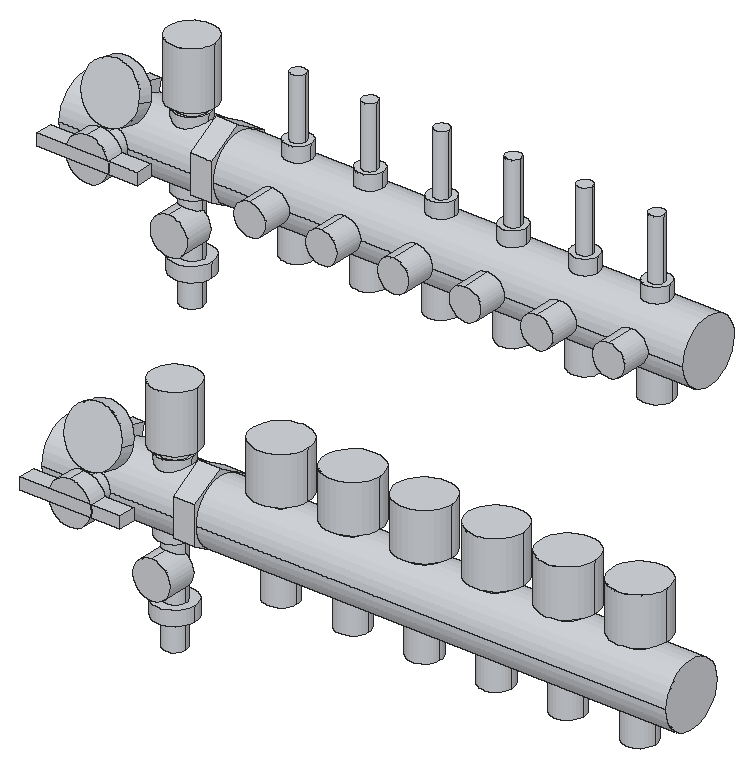
Revit family "318_f16c880827e94962872f661bd91b40", category Pipe Accessories, Revit 2017
Family settings
  Round Connector Dimension = Use Diameter
  Part Type = Valve - Normal
  Work Plane-Based = No
  Always vertical = Yes
  Cut with Voids When Loaded = No
  Shared = No
Parameters (values of type "R553FK106")
  magi_piping_qv_2_6 [instance] = 0.0 L/s
  magi_piping_qv_2_5 [instance] = 0.0 L/s
  magi_piping_qv_2_4 [instance] = 0.0 L/s
  magi_piping_qv_2_3 [instance] = 0.0 L/s
  magi_piping_qv_2_2 [instance] = 0.0 L/s
  magi_piping_qv_2_1 [instance] = 0.0 L/s
  magi_piping_qv_1_6 [instance] = 0.0 L/s
  magi_piping_qv_1_5 [instance] = 0.0 L/s
  magi_piping_qv_1_4 [instance] = 0.0 L/s
  magi_piping_qv_1_3 [instance] = 0.0 L/s
  magi_piping_qv_1_2 [instance] = 0.0 L/s
  magi_piping_qv_1_1 [instance] = 0.0 L/s
  magi_piping_qv [instance] = 0.0 L/s
  magi_piping_power_6 [instance] = 0 W
  magi_piping_power_5 [instance] = 0 W
  magi_piping_power_4 [instance] = 0 W
  magi_piping_power_3 [instance] = 0 W
  magi_piping_power_2 [instance] = 0 W
  magi_piping_power_1 [instance] = 0 W
  magi_piping_kv_6 [instance] = 0
  magi_piping_kv_5 [instance] = 0
  magi_piping_kv_4 [instance] = 0
  magi_piping_kv_3 [instance] = 0
  magi_piping_kv_2 [instance] = 0
  magi_piping_kv_1 [instance] = 0
  magi_piping_dpTot_6 [instance] = 0.0 Pa
  magi_piping_dpTot_5 [instance] = 0.0 Pa
  magi_piping_dpTot_4 [instance] = 0.0 Pa
  magi_piping_dpTot_3 [instance] = 0.0 Pa
  magi_piping_dpTot_2 [instance] = 0.0 Pa
  magi_piping_dpTot_1 [instance] = 0.0 Pa
  magi_adjustmentValue_6 [instance] = ""
  magi_adjustmentValue_5 [instance] = ""
  magi_adjustmentValue_4 [instance] = ""
  magi_adjustmentValue_3 [instance] = ""
  magi_adjustmentValue_2 [instance] = ""
  magi_adjustmentValue_1 [instance] = ""
  magiProductId = "f16c880827e94962872f661bd91b40"
  magiProductFamilyId = "f16c880827e94962872f661bd91b40"
  magiProductCode = "R553FK106"
  magiPartTypeId = 318
  Y = 15 mm
  VersionID = "2.0/2016.10.37.0/GIACOMINI_R553FK_001"
  URL = "http://www.giacomini.com/en"
  SMP = 25 mm
  SBP9 = 18 mm
  SBP8 = 18 mm
  SBP7 = 18 mm
  SBP6 = 18 mm
  SBP5 = 18 mm
  SBP4 = 18 mm
  SBP3 = 18 mm
  SBP2 = 18 mm
  SBP12 = 18 mm
  SBP11 = 18 mm
  SBP10 = 18 mm
  SBP1 = 18 mm
  RMP = 25 mm
  RBP9 = 18 mm
  RBP8 = 18 mm
  RBP7 = 18 mm
  RBP6 = 18 mm
  RBP5 = 18 mm
  RBP4 = 18 mm
  RBP3 = 18 mm
  RBP2 = 18 mm
  RBP12 = 18 mm
  RBP11 = 18 mm
  RBP10 = 18 mm
  RBP1 = 18 mm
  R2 = 22 mm
  QmdConnectorList = "321;SMP;322;SBP1;323;SBP2;324;SBP3;325;SBP4;326;SBP5;327;SBP6;351;RMP;352;RBP1;353;RBP2;354;RBP3;355;RBP4;356;RBP5;357;RBP6"
  Productdata [instance] = "© Progman Oy, all rights reserved"
  N9 = no
  N8 = no
  N7 = no
  N6 = yes
  N5 = yes
  N4 = yes
  N3 = yes
  N12 = no
  N11 = no
  N10 = no
  Manufacturer = "Giacomini"
  MC_Default_elevation = 0 mm
  L = 435 mm
  I = 50 mm
  H5 = 33 mm
  H4 = 5 mm
  H3__ve = -H3  # -40 mm
  H3 = 40 mm
  H2__ve = -H2  # -20 mm
  H2 = 20 mm
  H12 = 42 mm
  H11 = 10 mm
  Flow supply main [instance] = Flow supply 1 + Flow supply 2 + Flow supply 3 + Flow supply 4 + Flow supply 5 + Flow supply 6  # 0.0 L/s
  Flow supply 6 [instance] = 0.0 L/s
  Flow supply 5 [instance] = 0.0 L/s
  Flow supply 4 [instance] = 0.0 L/s
  Flow supply 3 [instance] = 0.0 L/s
  Flow supply 2 [instance] = 0.0 L/s
  Flow supply 1 [instance] = 0.0 L/s
  Flow return main [instance] = Flow return 1 + Flow return 2 + Flow return 3 + Flow return 4 + Flow return 5 + Flow return 6  # 0.0 L/s
  Flow return 6 [instance] = 0.0 L/s
  Flow return 5 [instance] = 0.0 L/s
  Flow return 4 [instance] = 0.0 L/s
  Flow return 3 [instance] = 0.0 L/s
  Flow return 2 [instance] = 0.0 L/s
  Flow return 1 [instance] = 0.0 L/s
  E = 208 mm
  Description = "PREASSEMBLED MANIFOLD KIT WITH FLOW METERS"
  D5 = 38 mm
  D4 = 22 mm
  D32 = 10 mm
  D31 = 18 mm
  D2 = 44 mm
  CAT0 = yes
  A = 149 mm
Reference planes
  plane 1 "Center (Front/Back)": y = 0
  plane 2 "XYPLANE": z = 0
  plane 3 "Center (Left/Right)": x = 0
  plane 4 "INIT_TEMP": y = 100
  plane 5 "414": y = -48
  plane 6 "413": z = -178
  plane 7 "412": y = -30
  plane 8 "411": z = -178
  plane 9 "410": z = -274
  plane 10 "409": z = -254
  plane 11 "408": z = -234
  plane 12 "407": z = -177
  plane 13 "406": z = -182
  plane 14 "405": y = -15
  plane 15 "404": z = 30
  plane 16 "403": y = -33
  plane 17 "402": x = 38
  plane 18 "401": z = 30
  plane 19 "400": z = -66
  plane 20 "399": z = -46
  plane 21 "398": z = -26
  plane 22 "397": z = 31
  plane 23 "396": x = 92
  plane 24 "395": z = 26
  plane 25 "394": x = 75
  plane 26 "393": z = -248
  plane 27 "392": z = -181
  plane 28 "391": z = -186
  plane 29 "390": z = -40
  plane 30 "389": x = 0
  plane 31 "388": y = 0
  plane 32 "387": y = -15
  plane 33 "386": z = -208
  plane 34 "385": z = 0
  plane 35 "384": z = 22
  plane 36 "383": x = 149
  plane 37 "382": x = 199
  plane 38 "381": y = -22
  plane 39 "380": x = 249
  plane 40 "379": z = 32
  plane 41 "378": x = 299
  plane 42 "377": x = 349
  plane 43 "376": x = 399
  plane 44 "375": x = 449
  plane 45 "374": x = 499
  plane 46 "373": x = 549
  plane 47 "372": x = 599
  plane 48 "371": x = 649
  plane 49 "370": x = 699
  plane 50 "1126": through (-712, -15, -178) normal (0, -0.2588, -0.9659)
  plane 51 "1127": through (-712, -30, -178) normal (0, 0.9659, -0.2588)
  plane 52 "1128": through (-712, -15, 30) normal (0, -0.9659, 0.2588)
  plane 53 "1129": through (-712, 0, 30) normal (0, 0.2588, 0.9659)
Forms (mm)
  Extrusion 1, solid
    sketch origin (750, -48, 0) x (-1, 0, 0) y (0, 0, 1)
      loop
        circle (712, -208) r 15
    from 0 to -12
  Extrusion 2, solid
    sketch origin (-712, -15, -178) x (1, 0, 0) y (0, -0.965926, 0.258819)
      loop
        line (746, -15) -> (754, -15) -> (754, 15) -> (746, 15) -> (746, -15)
    from 0 to 18
  Extrusion 3, solid
    sketch origin (750, -15, 0) x (-1, 0, 0) y (0, 0, 1)
      loop
        circle (712, -208) r 9
    from 0 to -33
  Extrusion 4, solid
    sketch origin (750, -48, 0) x (-1, 0, 0) y (0, 0, 1)
      loop
        line (677, -204) -> (677, -212) -> (747, -212) -> (747, -204) -> (677, -204)
    from 0 to -12
  Extrusion 5, solid
    sketch origin (-712, -30, -178) x (1, 0, 0) y (0, -0.258819, -0.965926)
      loop
        circle (750, 0) r 20
    from 0 to -10
  Extrusion 6, solid
    sketch origin (-750, 0, -182) x (1, 0, 0) y (0, 1, 0)
      loop
        circle (825, -15) r 12
    from 0 to -52
  Extrusion 7, solid
    sketch origin (92, -750, 0) x (0, 1, 0) y (0, 0, 1)
      loop
        line (735, -182) -> (712.483, -195) -> (712.483, -221) -> (735, -234) -> (757.517, -221) -> (757.517, -195) -> (735, -182)
    from 0 to 15
  Extrusion 8, solid
    sketch origin (-750, 0, -182) x (1, 0, 0) y (0, 1, 0)
      loop
        circle (825, -15) r 10
    from 0 to 5
  Extrusion 9, solid
    sketch origin (-750, 0, -177) x (1, 0, 0) y (0, 1, 0)
      loop
        circle (825, -15) r 16
    from 0 to 40
  Extrusion 10, solid
    sketch origin (-750, 0, -234) x (1, 0, 0) y (0, 1, 0)
      loop
        circle (825, -15) r 7.5
    from 0 to -70
  Extrusion 11, solid
    sketch origin (750, -15, 0) x (-1, 0, 0) y (0, 0, 1)
      loop
        circle (675, -254) r 13
    from 0 to -20
  Extrusion 12, solid
    sketch origin (-750, 0, -274) x (1, 0, 0) y (0, 1, 0)
      loop
        circle (825, -15) r 14
    from 0 to -10
  Extrusion 13, solid
    sketch origin (-712, -15, 30) x (1, 0, 0) y (0, 0.258819, 0.965926)
      loop
        circle (750, 0) r 20
    from 0 to 10
  Extrusion 14, solid
    sketch origin (750, -33, 0) x (-1, 0, 0) y (0, 0, 1)
      loop
        line (677, 4) -> (677, -4) -> (747, -4) -> (747, 4) -> (677, 4)
    from 0 to -12
  Extrusion 15, solid
    sketch origin (750, 0, 0) x (-1, 0, 0) y (0, 0, 1)
      loop
        circle (712, 0) r 9
    from 0 to -33
  Extrusion 16, solid
    sketch origin (-712, 0, 30) x (1, 0, 0) y (0, 0.965926, -0.258819)
      loop
        line (746, 15) -> (746, -15) -> (754, -15) -> (754, 15) -> (746, 15)
    from 0 to -18
  Extrusion 17, solid
    sketch origin (750, -33, 0) x (-1, 0, 0) y (0, 0, 1)
      loop
        circle (712, 0) r 15
    from 0 to -12
  Extrusion 18, solid
    sketch origin (-750, 0, -66) x (1, 0, 0) y (0, 1, 0)
      loop
        circle (825, 0) r 14
    from 0 to -10
  Extrusion 19, solid
    sketch origin (750, 0, 0) x (-1, 0, 0) y (0, 0, 1)
      loop
        circle (675, -46) r 13
    from 0 to -20
  Extrusion 20, solid
    sketch origin (-750, 0, -26) x (1, 0, 0) y (0, 1, 0)
      loop
        circle (825, 0) r 7.5
    from 0 to -70
  Extrusion 21, solid
    sketch origin (-750, 0, 31) x (1, 0, 0) y (0, 1, 0)
      loop
        circle (825, 0) r 16
    from 0 to 40
  Extrusion 22, solid
    sketch origin (-750, 0, 26) x (1, 0, 0) y (0, 1, 0)
      loop
        circle (825, 0) r 10
    from 0 to 5
  Extrusion 23, solid
    sketch origin (92, -750, 0) x (0, 1, 0) y (0, 0, 1)
      loop
        line (750, 26) -> (727.483, 13) -> (727.483, -13) -> (750, -26) -> (772.517, -13) -> (772.517, 13) -> (750, 26)
    from 0 to 15
  Extrusion 24, solid
    sketch origin (-750, 0, 26) x (1, 0, 0) y (0, 1, 0)
      loop
        circle (825, 0) r 12
    from 0 to -52
  Extrusion 25, solid, visible <- "N10"
    sketch origin (-750, 0, -208) x (1, 0, 0) y (0, 1, 0)
      loop
        circle (1349, -15) r 11
    from 0 to -40 <- "H3__ve"
  Extrusion 26, solid, visible <- "N10"
    sketch origin (-750, 0, -186) x (1, 0, 0) y (0, 1, 0)
      loop
        circle (1349, -15) r 11
    from 0 to 5 <- "H4"
  Extrusion 27, solid, visible <- "N10"
    sketch origin (-750, 0, -181) x (1, 0, 0) y (0, 1, 0)
      loop
        circle (1349, -15) r 19
    from 0 to 33 <- "H5"
  Extrusion 28, solid, visible <- "N12"
    sketch origin (-750, 0, -181) x (1, 0, 0) y (0, 1, 0)
      loop
        circle (1449, -15) r 19
    from 0 to 33 <- "H5"
  Extrusion 29, solid, visible <- "N12"
    sketch origin (-750, 0, -186) x (1, 0, 0) y (0, 1, 0)
      loop
        circle (1449, -15) r 11
    from 0 to 5 <- "H4"
  Extrusion 30, solid, visible <- "N12"
    sketch origin (-750, 0, -208) x (1, 0, 0) y (0, 1, 0)
      loop
        circle (1449, -15) r 11
    from 0 to -40 <- "H3__ve"
  Extrusion 31, solid, visible <- "N11"
    sketch origin (-750, 0, -208) x (1, 0, 0) y (0, 1, 0)
      loop
        circle (1399, -15) r 11
    from 0 to -40 <- "H3__ve"
  Extrusion 32, solid, visible <- "N11"
    sketch origin (-750, 0, -186) x (1, 0, 0) y (0, 1, 0)
      loop
        circle (1399, -15) r 11
    from 0 to 5 <- "H4"
  Extrusion 33, solid, visible <- "N11"
    sketch origin (-750, 0, -181) x (1, 0, 0) y (0, 1, 0)
      loop
        circle (1399, -15) r 19
    from 0 to 33 <- "H5"
  Extrusion 34, solid, visible <- "N8"
    sketch origin (-750, 0, -181) x (1, 0, 0) y (0, 1, 0)
      loop
        circle (1249, -15) r 19
    from 0 to 33 <- "H5"
  Extrusion 35, solid, visible <- "N8"
    sketch origin (-750, 0, -186) x (1, 0, 0) y (0, 1, 0)
      loop
        circle (1249, -15) r 11
    from 0 to 5 <- "H4"
  Extrusion 36, solid, visible <- "N8"
    sketch origin (-750, 0, -208) x (1, 0, 0) y (0, 1, 0)
      loop
        circle (1249, -15) r 11
    from 0 to -40 <- "H3__ve"
  Extrusion 37, solid, visible <- "N9"
    sketch origin (-750, 0, -208) x (1, 0, 0) y (0, 1, 0)
      loop
        circle (1299, -15) r 11
    from 0 to -40 <- "H3__ve"
  Extrusion 38, solid, visible <- "N9"
    sketch origin (-750, 0, -186) x (1, 0, 0) y (0, 1, 0)
      loop
        circle (1299, -15) r 11
    from 0 to 5 <- "H4"
  Extrusion 39, solid, visible <- "N9"
    sketch origin (-750, 0, -181) x (1, 0, 0) y (0, 1, 0)
      loop
        circle (1299, -15) r 19
    from 0 to 33 <- "H5"
  Extrusion 40, solid, visible <- "N7"
    sketch origin (-750, 0, -181) x (1, 0, 0) y (0, 1, 0)
      loop
        circle (1199, -15) r 19
    from 0 to 33 <- "H5"
  Extrusion 41, solid, visible <- "N7"
    sketch origin (-750, 0, -186) x (1, 0, 0) y (0, 1, 0)
      loop
        circle (1199, -15) r 11
    from 0 to 5 <- "H4"
  Extrusion 42, solid, visible <- "N7"
    sketch origin (-750, 0, -208) x (1, 0, 0) y (0, 1, 0)
      loop
        circle (1199, -15) r 11
    from 0 to -40 <- "H3__ve"
  Extrusion 43, solid, visible <- "N6"
    sketch origin (-750, 0, -208) x (1, 0, 0) y (0, 1, 0)
      loop
        circle (1149, -15) r 11
    from 0 to -40 <- "H3__ve"
  Extrusion 44, solid, visible <- "N6"
    sketch origin (-750, 0, -186) x (1, 0, 0) y (0, 1, 0)
      loop
        circle (1149, -15) r 11
    from 0 to 5 <- "H4"
  Extrusion 45, solid, visible <- "N6"
    sketch origin (-750, 0, -181) x (1, 0, 0) y (0, 1, 0)
      loop
        circle (1149, -15) r 19
    from 0 to 33 <- "H5"
  Extrusion 46, solid, visible <- "N5"
    sketch origin (-750, 0, -181) x (1, 0, 0) y (0, 1, 0)
      loop
        circle (1099, -15) r 19
    from 0 to 33 <- "H5"
  Extrusion 47, solid, visible <- "N5"
    sketch origin (-750, 0, -186) x (1, 0, 0) y (0, 1, 0)
      loop
        circle (1099, -15) r 11
    from 0 to 5 <- "H4"
  Extrusion 48, solid, visible <- "N5"
    sketch origin (-750, 0, -208) x (1, 0, 0) y (0, 1, 0)
      loop
        circle (1099, -15) r 11
    from 0 to -40 <- "H3__ve"
  Extrusion 49, solid, visible <- "N4"
    sketch origin (-750, 0, -208) x (1, 0, 0) y (0, 1, 0)
      loop
        circle (1049, -15) r 11
    from 0 to -40 <- "H3__ve"
  Extrusion 50, solid, visible <- "N4"
    sketch origin (-750, 0, -186) x (1, 0, 0) y (0, 1, 0)
      loop
        circle (1049, -15) r 11
    from 0 to 5 <- "H4"
  Extrusion 51, solid, visible <- "N4"
    sketch origin (-750, 0, -181) x (1, 0, 0) y (0, 1, 0)
      loop
        circle (1049, -15) r 19
    from 0 to 33 <- "H5"
  Extrusion 52, solid, visible <- "N3"
    sketch origin (-750, 0, -181) x (1, 0, 0) y (0, 1, 0)
      loop
        circle (999, -15) r 19
    from 0 to 33 <- "H5"
  Extrusion 53, solid, visible <- "N3"
    sketch origin (-750, 0, -186) x (1, 0, 0) y (0, 1, 0)
      loop
        circle (999, -15) r 11
    from 0 to 5 <- "H4"
  Extrusion 54, solid
    sketch origin (-750, 0, -186) x (1, 0, 0) y (0, 1, 0)
      loop
        circle (949, -15) r 11
    from 0 to 5 <- "H4"
  Extrusion 55, solid
    sketch origin (-750, 0, -181) x (1, 0, 0) y (0, 1, 0)
      loop
        circle (949, -15) r 19
    from 0 to 33 <- "H5"
  Extrusion 56, solid
    sketch origin (-750, 0, -181) x (1, 0, 0) y (0, 1, 0)
      loop
        circle (899, -15) r 19
    from 0 to 33 <- "H5"
  Extrusion 57, solid
    sketch origin (-750, 0, -186) x (1, 0, 0) y (0, 1, 0)
      loop
        circle (899, -15) r 11
    from 0 to 5 <- "H4"
  Extrusion 58, solid, visible <- "N3"
    sketch origin (-750, 0, -208) x (1, 0, 0) y (0, 1, 0)
      loop
        circle (999, -15) r 11
    from 0 to -40 <- "H3__ve"
  Extrusion 59, solid
    sketch origin (-750, 0, -208) x (1, 0, 0) y (0, 1, 0)
      loop
        circle (899, -15) r 11
    from 0 to -40 <- "H3__ve"
  Extrusion 60, solid
    sketch origin (-750, 0, -208) x (1, 0, 0) y (0, 1, 0)
      loop
        circle (949, -15) r 11
    from 0 to -40 <- "H3__ve"
  Extrusion 61, solid, visible <- "CAT0"
    sketch origin (0, -750, 0) x (0, 1, 0) y (0, 0, 1)
      loop
        circle (735, -208) r 22
    from 0 to 435 <- "L"
  Extrusion 62, solid, visible <- "N8"
    sketch origin (-750, 0, 0) x (1, 0, 0) y (0, 1, 0)
      loop
        circle (1249, 0) r 11
    from 0 to -40 <- "H3__ve"
  Extrusion 63, solid, visible <- "N9"
    sketch origin (-750, 0, 0) x (1, 0, 0) y (0, 1, 0)
      loop
        circle (1299, 0) r 11
    from 0 to -40 <- "H3__ve"
  Extrusion 64, solid, visible <- "N10"
    sketch origin (-750, 0, 0) x (1, 0, 0) y (0, 1, 0)
      loop
        circle (1349, 0) r 11
    from 0 to -40 <- "H3__ve"
  Extrusion 65, solid, visible <- "N11"
    sketch origin (-750, 0, 0) x (1, 0, 0) y (0, 1, 0)
      loop
        circle (1399, 0) r 11
    from 0 to -40 <- "H3__ve"
  Extrusion 66, solid, visible <- "N12"
    sketch origin (-750, 0, 0) x (1, 0, 0) y (0, 1, 0)
      loop
        circle (1449, 0) r 11
    from 0 to -40 <- "H3__ve"
  Extrusion 67, solid, visible <- "N7"
    sketch origin (-750, 0, 0) x (1, 0, 0) y (0, 1, 0)
      loop
        circle (1199, 0) r 11
    from 0 to -40 <- "H3__ve"
  Extrusion 68, solid, visible <- "N6"
    sketch origin (-750, 0, 0) x (1, 0, 0) y (0, 1, 0)
      loop
        circle (1149, 0) r 11
    from 0 to -40 <- "H3__ve"
  Extrusion 69, solid, visible <- "N5"
    sketch origin (-750, 0, 0) x (1, 0, 0) y (0, 1, 0)
      loop
        circle (1099, 0) r 11
    from 0 to -40 <- "H3__ve"
  Extrusion 70, solid, visible <- "N4"
    sketch origin (-750, 0, 0) x (1, 0, 0) y (0, 1, 0)
      loop
        circle (1049, 0) r 11
    from 0 to -40 <- "H3__ve"
  Extrusion 71, solid, visible <- "N3"
    sketch origin (-750, 0, 0) x (1, 0, 0) y (0, 1, 0)
      loop
        circle (999, 0) r 11
    from 0 to -40 <- "H3__ve"
  Extrusion 72, solid
    sketch origin (-750, 0, 0) x (1, 0, 0) y (0, 1, 0)
      loop
        circle (949, 0) r 11
    from 0 to -40 <- "H3__ve"
  Extrusion 73, solid
    sketch origin (-750, 0, 0) x (1, 0, 0) y (0, 1, 0)
      loop
        circle (899, 0) r 11
    from 0 to -40 <- "H3__ve"
  Extrusion 74, solid, visible <- "CAT0"
    sketch origin (0, -750, 0) x (0, 1, 0) y (0, 0, 1)
      loop
        circle (750, 0) r 22
    from 0 to 435 <- "L"
  Extrusion 75, solid
    sketch origin (-750, 0, 22) x (1, 0, 0) y (0, 1, 0)
      loop
        circle (899, 0) r 9
    from 0 to 10 <- "H11"
  Extrusion 76, solid
    sketch origin (750, -22, 0) x (-1, 0, 0) y (0, 0, 1)
      loop
        circle (601, 0) r 11
    from 0 to -20 <- "H2__ve"
  Extrusion 77, solid
    sketch origin (750, -22, 0) x (-1, 0, 0) y (0, 0, 1)
      loop
        circle (551, 0) r 11
    from 0 to -20 <- "H2__ve"
  Extrusion 78, solid, visible <- "N3"
    sketch origin (750, -22, 0) x (-1, 0, 0) y (0, 0, 1)
      loop
        circle (501, 0) r 11
    from 0 to -20 <- "H2__ve"
  Extrusion 79, solid
    sketch origin (-750, 0, 32) x (1, 0, 0) y (0, 1, 0)
      loop
        circle (899, 0) r 5
    from 0 to 42 <- "H12"
  Extrusion 80, solid
    sketch origin (-750, 0, 32) x (1, 0, 0) y (0, 1, 0)
      loop
        circle (949, 0) r 5
    from 0 to 42 <- "H12"
  Extrusion 81, solid
    sketch origin (-750, 0, 22) x (1, 0, 0) y (0, 1, 0)
      loop
        circle (949, 0) r 9
    from 0 to 10 <- "H11"
  Extrusion 82, solid, visible <- "N3"
    sketch origin (-750, 0, 22) x (1, 0, 0) y (0, 1, 0)
      loop
        circle (999, 0) r 9
    from 0 to 10 <- "H11"
  Extrusion 83, solid, visible <- "N3"
    sketch origin (-750, 0, 32) x (1, 0, 0) y (0, 1, 0)
      loop
        circle (999, 0) r 5
    from 0 to 42 <- "H12"
  Extrusion 84, solid, visible <- "N4"
    sketch origin (-750, 0, 32) x (1, 0, 0) y (0, 1, 0)
      loop
        circle (1049, 0) r 5
    from 0 to 42 <- "H12"
  Extrusion 85, solid, visible <- "N4"
    sketch origin (-750, 0, 22) x (1, 0, 0) y (0, 1, 0)
      loop
        circle (1049, 0) r 9
    from 0 to 10 <- "H11"
  Extrusion 86, solid, visible <- "N4"
    sketch origin (750, -22, 0) x (-1, 0, 0) y (0, 0, 1)
      loop
        circle (451, 0) r 11
    from 0 to -20 <- "H2__ve"
  Extrusion 87, solid, visible <- "N5"
    sketch origin (750, -22, 0) x (-1, 0, 0) y (0, 0, 1)
      loop
        circle (401, 0) r 11
    from 0 to -20 <- "H2__ve"
  Extrusion 88, solid, visible <- "N5"
    sketch origin (-750, 0, 22) x (1, 0, 0) y (0, 1, 0)
      loop
        circle (1099, 0) r 9
    from 0 to 10 <- "H11"
  Extrusion 89, solid, visible <- "N5"
    sketch origin (-750, 0, 32) x (1, 0, 0) y (0, 1, 0)
      loop
        circle (1099, 0) r 5
    from 0 to 42 <- "H12"
  Extrusion 90, solid, visible <- "N6"
    sketch origin (-750, 0, 32) x (1, 0, 0) y (0, 1, 0)
      loop
        circle (1149, 0) r 5
    from 0 to 42 <- "H12"
  Extrusion 91, solid, visible <- "N6"
    sketch origin (-750, 0, 22) x (1, 0, 0) y (0, 1, 0)
      loop
        circle (1149, 0) r 9
    from 0 to 10 <- "H11"
  Extrusion 92, solid, visible <- "N6"
    sketch origin (750, -22, 0) x (-1, 0, 0) y (0, 0, 1)
      loop
        circle (351, 0) r 11
    from 0 to -20 <- "H2__ve"
  Extrusion 93, solid, visible <- "N7"
    sketch origin (750, -22, 0) x (-1, 0, 0) y (0, 0, 1)
      loop
        circle (301, 0) r 11
    from 0 to -20 <- "H2__ve"
  Extrusion 94, solid, visible <- "N7"
    sketch origin (-750, 0, 22) x (1, 0, 0) y (0, 1, 0)
      loop
        circle (1199, 0) r 9
    from 0 to 10 <- "H11"
  Extrusion 95, solid, visible <- "N7"
    sketch origin (-750, 0, 32) x (1, 0, 0) y (0, 1, 0)
      loop
        circle (1199, 0) r 5
    from 0 to 42 <- "H12"
  Extrusion 96, solid, visible <- "N8"
    sketch origin (-750, 0, 32) x (1, 0, 0) y (0, 1, 0)
      loop
        circle (1249, 0) r 5
    from 0 to 42 <- "H12"
  Extrusion 97, solid, visible <- "N8"
    sketch origin (-750, 0, 22) x (1, 0, 0) y (0, 1, 0)
      loop
        circle (1249, 0) r 9
    from 0 to 10 <- "H11"
  Extrusion 98, solid, visible <- "N8"
    sketch origin (750, -22, 0) x (-1, 0, 0) y (0, 0, 1)
      loop
        circle (251, 0) r 11
    from 0 to -20 <- "H2__ve"
  Extrusion 99, solid, visible <- "N10"
    sketch origin (750, -22, 0) x (-1, 0, 0) y (0, 0, 1)
      loop
        circle (151, 0) r 11
    from 0 to -20 <- "H2__ve"
  Extrusion 100, solid, visible <- "N10"
    sketch origin (-750, 0, 22) x (1, 0, 0) y (0, 1, 0)
      loop
        circle (1349, 0) r 9
    from 0 to 10 <- "H11"
  Extrusion 101, solid, visible <- "N10"
    sketch origin (-750, 0, 32) x (1, 0, 0) y (0, 1, 0)
      loop
        circle (1349, 0) r 5
    from 0 to 42 <- "H12"
  Extrusion 102, solid, visible <- "N9"
    sketch origin (-750, 0, 32) x (1, 0, 0) y (0, 1, 0)
      loop
        circle (1299, 0) r 5
    from 0 to 42 <- "H12"
  Extrusion 103, solid, visible <- "N9"
    sketch origin (-750, 0, 22) x (1, 0, 0) y (0, 1, 0)
      loop
        circle (1299, 0) r 9
    from 0 to 10 <- "H11"
  Extrusion 104, solid, visible <- "N9"
    sketch origin (750, -22, 0) x (-1, 0, 0) y (0, 0, 1)
      loop
        circle (201, 0) r 11
    from 0 to -20 <- "H2__ve"
  Extrusion 105, solid, visible <- "N11"
    sketch origin (-750, 0, 32) x (1, 0, 0) y (0, 1, 0)
      loop
        circle (1399, 0) r 5
    from 0 to 42 <- "H12"
  Extrusion 106, solid, visible <- "N11"
    sketch origin (-750, 0, 22) x (1, 0, 0) y (0, 1, 0)
      loop
        circle (1399, 0) r 9
    from 0 to 10 <- "H11"
  Extrusion 107, solid, visible <- "N11"
    sketch origin (750, -22, 0) x (-1, 0, 0) y (0, 0, 1)
      loop
        circle (101, 0) r 11
    from 0 to -20 <- "H2__ve"
  Extrusion 108, solid, visible <- "N12"
    sketch origin (750, -22, 0) x (-1, 0, 0) y (0, 0, 1)
      loop
        circle (51, 0) r 11
    from 0 to -20 <- "H2__ve"
  Extrusion 109, solid, visible <- "N12"
    sketch origin (-750, 0, 22) x (1, 0, 0) y (0, 1, 0)
      loop
        circle (1449, 0) r 9
    from 0 to 10 <- "H11"
  Extrusion 110, solid, visible <- "N12"
    sketch origin (-750, 0, 32) x (1, 0, 0) y (0, 1, 0)
      loop
        circle (1449, 0) r 5
    from 0 to 42 <- "H12"
  Extrusion 111, solid, not visible
    sketch origin (-750, 0, -248) x (1, 0, 0) y (0, 1, 0)
      loop
        circle (1149, -15) r 10
    from 0 to 10
  Extrusion 112, solid, not visible
    sketch origin (-750, 0, -248) x (1, 0, 0) y (0, 1, 0)
      loop
        circle (1099, -15) r 10
    from 0 to 10
  Extrusion 113, solid, not visible
    sketch origin (-750, 0, -248) x (1, 0, 0) y (0, 1, 0)
      loop
        circle (1049, -15) r 10
    from 0 to 10
  Extrusion 114, solid, not visible
    sketch origin (-750, 0, -248) x (1, 0, 0) y (0, 1, 0)
      loop
        circle (949, -15) r 10
    from 0 to 10
  Extrusion 115, solid, not visible
    sketch origin (-750, 0, -248) x (1, 0, 0) y (0, 1, 0)
      loop
        circle (899, -15) r 10
    from 0 to 10
  Extrusion 116, solid, not visible
    sketch origin (-750, 0, -248) x (1, 0, 0) y (0, 1, 0)
      loop
        circle (999, -15) r 10
    from 0 to 10
  Extrusion 117, solid, not visible
    sketch origin (-750, 0, -40) x (1, 0, 0) y (0, 1, 0)
      loop
        circle (1149, 0) r 10
    from 0 to 10
  Extrusion 118, solid, not visible
    sketch origin (-750, 0, -40) x (1, 0, 0) y (0, 1, 0)
      loop
        circle (1099, 0) r 10
    from 0 to 10
  Extrusion 119, solid, not visible
    sketch origin (-750, 0, -40) x (1, 0, 0) y (0, 1, 0)
      loop
        circle (1049, 0) r 10
    from 0 to 10
  Extrusion 120, solid, not visible
    sketch origin (-750, 0, -40) x (1, 0, 0) y (0, 1, 0)
      loop
        circle (999, 0) r 10
    from 0 to 10
  Extrusion 121, solid, not visible
    sketch origin (0, -750, 0) x (0, 1, 0) y (0, 0, 1)
      loop
        circle (750, 0) r 10
    from 0 to 10
  Extrusion 122, solid, not visible
    sketch origin (0, -750, 0) x (0, 1, 0) y (0, 0, 1)
      loop
        circle (735, -208) r 10
    from 0 to 10
  Extrusion 123, solid, not visible
    sketch origin (-750, 0, -40) x (1, 0, 0) y (0, 1, 0)
      loop
        circle (899, 0) r 10
    from 0 to 10
  Extrusion 124, solid, not visible
    sketch origin (-750, 0, -40) x (1, 0, 0) y (0, 1, 0)
      loop
        circle (949, 0) r 10
    from 0 to 10
Text (mm)
  text "© Progman Oy, all rights reserved" at (-472.209, -2482.653, 0), in view "Ref. Level"
Dimensions and locks
  plane 4 "INIT_TEMP" to plane 1 "Center (Front/Back)" = 100 mm
  locked: plane 32 "387" to plane 5 "414" at 33
  locked: plane 33 "386" to plane 6 "413" at 30
  locked: plane 32 "387" to plane 7 "412" at 15
  locked: plane 33 "386" to plane 8 "411" at 30
  locked: plane 11 "408" to plane 9 "410" at 40
  locked: plane 11 "408" to plane 10 "409" at 20
  locked: plane 13 "406" to plane 11 "408" at 52
  locked: plane 13 "406" to plane 12 "407" at 5
  locked: plane 33 "386" to plane 13 "406" at 26
  locked: plane 1 "Center (Front/Back)" to plane 14 "405" at 15
  locked: plane 2 "XYPLANE" to plane 15 "404" at 30
  locked: plane 1 "Center (Front/Back)" to plane 16 "403" at 33
  locked: plane 3 "Center (Left/Right)" to plane 17 "402" at 38
  locked: plane 2 "XYPLANE" to plane 18 "401" at 30
  locked: plane 21 "398" to plane 19 "400" at 40
  locked: plane 21 "398" to plane 20 "399" at 20
  locked: plane 24 "395" to plane 21 "398" at 52
  locked: plane 24 "395" to plane 22 "397" at 5
  locked: plane 25 "394" to plane 23 "396" at 17
  locked: plane 2 "XYPLANE" to plane 24 "395" at 26
  locked: plane 3 "Center (Left/Right)" to plane 25 "394" at 75
  "H3": plane 33 "386" to plane 26 "393"
  "H4": plane 28 "391" to plane 27 "392"
  "R2": plane 33 "386" to plane 28 "391"
  "H3": plane 2 "XYPLANE" to plane 29 "390"
  locked: plane 3 "Center (Left/Right)" to plane 30 "389"
  locked: plane 1 "Center (Front/Back)" to plane 31 "388"
  "Y": plane 1 "Center (Front/Back)" to plane 32 "387"
  "E": plane 2 "XYPLANE" to plane 33 "386"
  locked: plane 2 "XYPLANE" to plane 34 "385"
  "R2": plane 2 "XYPLANE" to plane 35 "384"
  "A": plane 3 "Center (Left/Right)" to plane 36 "383"
  "I": plane 36 "383" to plane 37 "382"
  "R2": plane 1 "Center (Front/Back)" to plane 38 "381"
  "I": plane 37 "382" to plane 39 "380"
  "H11": plane 35 "384" to plane 40 "379"
  "I": plane 39 "380" to plane 41 "378"
  "I": plane 41 "378" to plane 42 "377"
  "I": plane 42 "377" to plane 43 "376"
  "I": plane 43 "376" to plane 44 "375"
  "I": plane 44 "375" to plane 45 "374"
  "I": plane 45 "374" to plane 46 "373"
  "I": plane 46 "373" to plane 47 "372"
  "I": plane 47 "372" to plane 48 "371"
  "I": plane 48 "371" to plane 49 "370"
  "D4": diameter of Extrusion 25 sketch curve
  "D4": diameter of Extrusion 26 sketch curve
  "D5": diameter of Extrusion 27 sketch curve
  "D5": diameter of Extrusion 28 sketch curve
  "D4": diameter of Extrusion 29 sketch curve
  "D4": diameter of Extrusion 30 sketch curve
  "D4": diameter of Extrusion 31 sketch curve
  "D4": diameter of Extrusion 32 sketch curve
  "D5": diameter of Extrusion 33 sketch curve
  "D5": diameter of Extrusion 34 sketch curve
  "D4": diameter of Extrusion 35 sketch curve
  "D4": diameter of Extrusion 36 sketch curve
  "D4": diameter of Extrusion 37 sketch curve
  "D4": diameter of Extrusion 38 sketch curve
  "D5": diameter of Extrusion 39 sketch curve
  "D5": diameter of Extrusion 40 sketch curve
  "D4": diameter of Extrusion 41 sketch curve
  "D4": diameter of Extrusion 42 sketch curve
  "D4": diameter of Extrusion 43 sketch curve
  "D4": diameter of Extrusion 44 sketch curve
  "D5": diameter of Extrusion 45 sketch curve
  "D5": diameter of Extrusion 46 sketch curve
  "D4": diameter of Extrusion 47 sketch curve
  "D4": diameter of Extrusion 48 sketch curve
  "D4": diameter of Extrusion 49 sketch curve
  "D4": diameter of Extrusion 50 sketch curve
  "D5": diameter of Extrusion 51 sketch curve
  "D5": diameter of Extrusion 52 sketch curve
  "D4": diameter of Extrusion 53 sketch curve
  "D4": diameter of Extrusion 54 sketch curve
  "D5": diameter of Extrusion 55 sketch curve
  "D5": diameter of Extrusion 56 sketch curve
  "D4": diameter of Extrusion 57 sketch curve
  "D4": diameter of Extrusion 58 sketch curve
  "D4": diameter of Extrusion 59 sketch curve
  "D4": diameter of Extrusion 60 sketch curve
  "D2": diameter of Extrusion 61 sketch curve
  "D4": diameter of Extrusion 62 sketch curve
  "D4": diameter of Extrusion 63 sketch curve
  "D4": diameter of Extrusion 64 sketch curve
  "D4": diameter of Extrusion 65 sketch curve
  "D4": diameter of Extrusion 66 sketch curve
  "D4": diameter of Extrusion 67 sketch curve
  "D4": diameter of Extrusion 68 sketch curve
  "D4": diameter of Extrusion 69 sketch curve
  "D4": diameter of Extrusion 70 sketch curve
  "D4": diameter of Extrusion 71 sketch curve
  "D4": diameter of Extrusion 72 sketch curve
  "D4": diameter of Extrusion 73 sketch curve
  "D2": diameter of Extrusion 74 sketch curve
  "D31": diameter of Extrusion 75 sketch curve
  "D4": diameter of Extrusion 76 sketch curve
  "D4": diameter of Extrusion 77 sketch curve
  "D4": diameter of Extrusion 78 sketch curve
  "D32": diameter of Extrusion 79 sketch curve
  "D32": diameter of Extrusion 80 sketch curve
  "D31": diameter of Extrusion 81 sketch curve
  "D31": diameter of Extrusion 82 sketch curve
  "D32": diameter of Extrusion 83 sketch curve
  "D32": diameter of Extrusion 84 sketch curve
  "D31": diameter of Extrusion 85 sketch curve
  "D4": diameter of Extrusion 86 sketch curve
  "D4": diameter of Extrusion 87 sketch curve
  "D31": diameter of Extrusion 88 sketch curve
  "D32": diameter of Extrusion 89 sketch curve
  "D32": diameter of Extrusion 90 sketch curve
  "D31": diameter of Extrusion 91 sketch curve
  "D4": diameter of Extrusion 92 sketch curve
  "D4": diameter of Extrusion 93 sketch curve
  "D31": diameter of Extrusion 94 sketch curve
  "D32": diameter of Extrusion 95 sketch curve
  "D32": diameter of Extrusion 96 sketch curve
  "D31": diameter of Extrusion 97 sketch curve
  "D4": diameter of Extrusion 98 sketch curve
  "D4": diameter of Extrusion 99 sketch curve
  "D31": diameter of Extrusion 100 sketch curve
  "D32": diameter of Extrusion 101 sketch curve
  "D32": diameter of Extrusion 102 sketch curve
  "D31": diameter of Extrusion 103 sketch curve
  "D4": diameter of Extrusion 104 sketch curve
  "D32": diameter of Extrusion 105 sketch curve
  "D31": diameter of Extrusion 106 sketch curve
  "D4": diameter of Extrusion 107 sketch curve
  "D4": diameter of Extrusion 108 sketch curve
  "D31": diameter of Extrusion 109 sketch curve
  "D32": diameter of Extrusion 110 sketch curve
  aligned and locked: level to plane 2 "XYPLANE"
  aligned and locked: plane 17 "402" to Extrusion 1 sketch curve
  aligned and locked: plane 33 "386" to Extrusion 1 sketch curve
  aligned and locked: plane 17 "402" to Extrusion 3 sketch curve
  aligned and locked: plane 33 "386" to Extrusion 3 sketch curve
  aligned and locked: plane 17 "402" to Extrusion 5 sketch curve
  aligned and locked: plane 25 "394" to Extrusion 6 sketch curve
  aligned and locked: plane 32 "387" to Extrusion 6 sketch curve
  aligned and locked: plane 25 "394" to Extrusion 8 sketch curve
  aligned and locked: plane 32 "387" to Extrusion 8 sketch curve
  aligned and locked: plane 25 "394" to Extrusion 9 sketch curve
  aligned and locked: plane 32 "387" to Extrusion 9 sketch curve
  aligned and locked: plane 25 "394" to Extrusion 10 sketch curve
  aligned and locked: plane 32 "387" to Extrusion 10 sketch curve
  aligned and locked: plane 10 "409" to Extrusion 11 sketch curve
  aligned and locked: plane 25 "394" to Extrusion 11 sketch curve
  aligned and locked: plane 25 "394" to Extrusion 12 sketch curve
  aligned and locked: plane 32 "387" to Extrusion 12 sketch curve
  aligned and locked: plane 17 "402" to Extrusion 13 sketch curve
  aligned and locked: plane 17 "402" to Extrusion 15 sketch curve
  aligned and locked: plane 34 "385" to Extrusion 15 sketch curve
  aligned and locked: plane 17 "402" to Extrusion 17 sketch curve
  aligned and locked: plane 34 "385" to Extrusion 17 sketch curve
  aligned and locked: plane 25 "394" to Extrusion 18 sketch curve
  aligned and locked: plane 31 "388" to Extrusion 18 sketch curve
  aligned and locked: plane 20 "399" to Extrusion 19 sketch curve
  aligned and locked: plane 25 "394" to Extrusion 19 sketch curve
  aligned and locked: plane 25 "394" to Extrusion 20 sketch curve
  aligned and locked: plane 31 "388" to Extrusion 20 sketch curve
  aligned and locked: plane 25 "394" to Extrusion 21 sketch curve
  aligned and locked: plane 31 "388" to Extrusion 21 sketch curve
  aligned and locked: plane 25 "394" to Extrusion 22 sketch curve
  aligned and locked: plane 31 "388" to Extrusion 22 sketch curve
  aligned and locked: plane 25 "394" to Extrusion 24 sketch curve
  aligned and locked: plane 31 "388" to Extrusion 24 sketch curve
  aligned and locked: plane 32 "387" to Extrusion 25 sketch curve
  aligned and locked: plane 47 "372" to Extrusion 25 sketch curve
  aligned and locked: plane 32 "387" to Extrusion 26 sketch curve
  aligned and locked: plane 47 "372" to Extrusion 26 sketch curve
  aligned and locked: plane 32 "387" to Extrusion 27 sketch curve
  aligned and locked: plane 47 "372" to Extrusion 27 sketch curve
  aligned and locked: plane 32 "387" to Extrusion 28 sketch curve
  aligned and locked: plane 49 "370" to Extrusion 28 sketch curve
  aligned and locked: plane 32 "387" to Extrusion 29 sketch curve
  aligned and locked: plane 49 "370" to Extrusion 29 sketch curve
  aligned and locked: plane 32 "387" to Extrusion 30 sketch curve
  aligned and locked: plane 49 "370" to Extrusion 30 sketch curve
  aligned and locked: plane 32 "387" to Extrusion 31 sketch curve
  aligned and locked: plane 48 "371" to Extrusion 31 sketch curve
  aligned and locked: plane 32 "387" to Extrusion 32 sketch curve
  aligned and locked: plane 48 "371" to Extrusion 32 sketch curve
  aligned and locked: plane 32 "387" to Extrusion 33 sketch curve
  aligned and locked: plane 48 "371" to Extrusion 33 sketch curve
  aligned and locked: plane 32 "387" to Extrusion 34 sketch curve
  aligned and locked: plane 45 "374" to Extrusion 34 sketch curve
  aligned and locked: plane 32 "387" to Extrusion 35 sketch curve
  aligned and locked: plane 45 "374" to Extrusion 35 sketch curve
  aligned and locked: plane 32 "387" to Extrusion 36 sketch curve
  aligned and locked: plane 45 "374" to Extrusion 36 sketch curve
  aligned and locked: plane 32 "387" to Extrusion 37 sketch curve
  aligned and locked: plane 46 "373" to Extrusion 37 sketch curve
  aligned and locked: plane 32 "387" to Extrusion 38 sketch curve
  aligned and locked: plane 46 "373" to Extrusion 38 sketch curve
  aligned and locked: plane 32 "387" to Extrusion 39 sketch curve
  aligned and locked: plane 46 "373" to Extrusion 39 sketch curve
  aligned and locked: plane 32 "387" to Extrusion 40 sketch curve
  aligned and locked: plane 44 "375" to Extrusion 40 sketch curve
  aligned and locked: plane 32 "387" to Extrusion 41 sketch curve
  aligned and locked: plane 44 "375" to Extrusion 41 sketch curve
  aligned and locked: plane 32 "387" to Extrusion 42 sketch curve
  aligned and locked: plane 44 "375" to Extrusion 42 sketch curve
  aligned and locked: plane 32 "387" to Extrusion 43 sketch curve
  aligned and locked: plane 43 "376" to Extrusion 43 sketch curve
  aligned and locked: plane 32 "387" to Extrusion 44 sketch curve
  aligned and locked: plane 43 "376" to Extrusion 44 sketch curve
  aligned and locked: plane 32 "387" to Extrusion 45 sketch curve
  aligned and locked: plane 43 "376" to Extrusion 45 sketch curve
  aligned and locked: plane 32 "387" to Extrusion 46 sketch curve
  aligned and locked: plane 42 "377" to Extrusion 46 sketch curve
  aligned and locked: plane 32 "387" to Extrusion 47 sketch curve
  aligned and locked: plane 42 "377" to Extrusion 47 sketch curve
  aligned and locked: plane 32 "387" to Extrusion 48 sketch curve
  aligned and locked: plane 42 "377" to Extrusion 48 sketch curve
  aligned and locked: plane 32 "387" to Extrusion 49 sketch curve
  aligned and locked: plane 41 "378" to Extrusion 49 sketch curve
  aligned and locked: plane 32 "387" to Extrusion 50 sketch curve
  aligned and locked: plane 41 "378" to Extrusion 50 sketch curve
  aligned and locked: plane 32 "387" to Extrusion 51 sketch curve
  aligned and locked: plane 41 "378" to Extrusion 51 sketch curve
  aligned and locked: plane 32 "387" to Extrusion 52 sketch curve
  aligned and locked: plane 39 "380" to Extrusion 52 sketch curve
  aligned and locked: plane 32 "387" to Extrusion 53 sketch curve
  aligned and locked: plane 39 "380" to Extrusion 53 sketch curve
  aligned and locked: plane 32 "387" to Extrusion 54 sketch curve
  aligned and locked: plane 37 "382" to Extrusion 54 sketch curve
  aligned and locked: plane 32 "387" to Extrusion 55 sketch curve
  aligned and locked: plane 37 "382" to Extrusion 55 sketch curve
  aligned and locked: plane 32 "387" to Extrusion 56 sketch curve
  aligned and locked: plane 36 "383" to Extrusion 56 sketch curve
  aligned and locked: plane 32 "387" to Extrusion 57 sketch curve
  aligned and locked: plane 36 "383" to Extrusion 57 sketch curve
  aligned and locked: plane 32 "387" to Extrusion 58 sketch curve
  aligned and locked: plane 39 "380" to Extrusion 58 sketch curve
  aligned and locked: plane 32 "387" to Extrusion 59 sketch curve
  aligned and locked: plane 36 "383" to Extrusion 59 sketch curve
  aligned and locked: plane 32 "387" to Extrusion 60 sketch curve
  aligned and locked: plane 37 "382" to Extrusion 60 sketch curve
  aligned and locked: Extrusion 61 sketch curve to plane 32 "387"
  aligned and locked: plane 33 "386" to Extrusion 61 sketch curve
  aligned and locked: plane 31 "388" to Extrusion 62 sketch curve
  aligned and locked: plane 45 "374" to Extrusion 62 sketch curve
  aligned and locked: plane 31 "388" to Extrusion 63 sketch curve
  aligned and locked: plane 46 "373" to Extrusion 63 sketch curve
  aligned and locked: plane 31 "388" to Extrusion 64 sketch curve
  aligned and locked: plane 47 "372" to Extrusion 64 sketch curve
  aligned and locked: plane 31 "388" to Extrusion 65 sketch curve
  aligned and locked: plane 48 "371" to Extrusion 65 sketch curve
  aligned and locked: plane 31 "388" to Extrusion 66 sketch curve
  aligned and locked: plane 49 "370" to Extrusion 66 sketch curve
  aligned and locked: plane 31 "388" to Extrusion 67 sketch curve
  aligned and locked: plane 44 "375" to Extrusion 67 sketch curve
  aligned and locked: plane 31 "388" to Extrusion 68 sketch curve
  aligned and locked: plane 43 "376" to Extrusion 68 sketch curve
  aligned and locked: plane 31 "388" to Extrusion 69 sketch curve
  aligned and locked: plane 42 "377" to Extrusion 69 sketch curve
  aligned and locked: plane 31 "388" to Extrusion 70 sketch curve
  aligned and locked: plane 41 "378" to Extrusion 70 sketch curve
  aligned and locked: plane 31 "388" to Extrusion 71 sketch curve
  aligned and locked: plane 39 "380" to Extrusion 71 sketch curve
  aligned and locked: plane 31 "388" to Extrusion 72 sketch curve
  aligned and locked: plane 37 "382" to Extrusion 72 sketch curve
  aligned and locked: plane 31 "388" to Extrusion 73 sketch curve
  aligned and locked: plane 36 "383" to Extrusion 73 sketch curve
  aligned and locked: Extrusion 74 sketch curve to plane 31 "388"
  aligned and locked: plane 34 "385" to Extrusion 74 sketch curve
  aligned and locked: plane 31 "388" to Extrusion 75 sketch curve
  aligned and locked: plane 36 "383" to Extrusion 75 sketch curve
  aligned and locked: plane 34 "385" to Extrusion 76 sketch curve
  aligned and locked: plane 36 "383" to Extrusion 76 sketch curve
  aligned and locked: plane 34 "385" to Extrusion 77 sketch curve
  aligned and locked: plane 37 "382" to Extrusion 77 sketch curve
  aligned and locked: plane 34 "385" to Extrusion 78 sketch curve
  aligned and locked: plane 39 "380" to Extrusion 78 sketch curve
  aligned and locked: plane 31 "388" to Extrusion 79 sketch curve
  aligned and locked: plane 36 "383" to Extrusion 79 sketch curve
  aligned and locked: plane 31 "388" to Extrusion 80 sketch curve
  aligned and locked: plane 37 "382" to Extrusion 80 sketch curve
  aligned and locked: plane 31 "388" to Extrusion 81 sketch curve
  aligned and locked: plane 37 "382" to Extrusion 81 sketch curve
  aligned and locked: plane 31 "388" to Extrusion 82 sketch curve
  aligned and locked: plane 39 "380" to Extrusion 82 sketch curve
  aligned and locked: plane 31 "388" to Extrusion 83 sketch curve
  aligned and locked: plane 39 "380" to Extrusion 83 sketch curve
  aligned and locked: plane 31 "388" to Extrusion 84 sketch curve
  aligned and locked: plane 41 "378" to Extrusion 84 sketch curve
  aligned and locked: plane 31 "388" to Extrusion 85 sketch curve
  aligned and locked: plane 41 "378" to Extrusion 85 sketch curve
  aligned and locked: plane 34 "385" to Extrusion 86 sketch curve
  aligned and locked: plane 41 "378" to Extrusion 86 sketch curve
  aligned and locked: plane 34 "385" to Extrusion 87 sketch curve
  aligned and locked: plane 42 "377" to Extrusion 87 sketch curve
  aligned and locked: plane 31 "388" to Extrusion 88 sketch curve
  aligned and locked: plane 42 "377" to Extrusion 88 sketch curve
  aligned and locked: plane 31 "388" to Extrusion 89 sketch curve
  aligned and locked: plane 42 "377" to Extrusion 89 sketch curve
  aligned and locked: plane 31 "388" to Extrusion 90 sketch curve
  aligned and locked: plane 43 "376" to Extrusion 90 sketch curve
  aligned and locked: plane 31 "388" to Extrusion 91 sketch curve
  aligned and locked: plane 43 "376" to Extrusion 91 sketch curve
  aligned and locked: plane 34 "385" to Extrusion 92 sketch curve
  aligned and locked: plane 43 "376" to Extrusion 92 sketch curve
  aligned and locked: plane 34 "385" to Extrusion 93 sketch curve
  aligned and locked: plane 44 "375" to Extrusion 93 sketch curve
  aligned and locked: plane 31 "388" to Extrusion 94 sketch curve
  aligned and locked: plane 44 "375" to Extrusion 94 sketch curve
  aligned and locked: plane 31 "388" to Extrusion 95 sketch curve
  aligned and locked: plane 44 "375" to Extrusion 95 sketch curve
  aligned and locked: plane 31 "388" to Extrusion 96 sketch curve
  aligned and locked: plane 45 "374" to Extrusion 96 sketch curve
  aligned and locked: plane 31 "388" to Extrusion 97 sketch curve
  aligned and locked: plane 45 "374" to Extrusion 97 sketch curve
  aligned and locked: plane 34 "385" to Extrusion 98 sketch curve
  aligned and locked: plane 45 "374" to Extrusion 98 sketch curve
  aligned and locked: plane 34 "385" to Extrusion 99 sketch curve
  aligned and locked: plane 47 "372" to Extrusion 99 sketch curve
  aligned and locked: plane 31 "388" to Extrusion 100 sketch curve
  aligned and locked: plane 47 "372" to Extrusion 100 sketch curve
  aligned and locked: plane 31 "388" to Extrusion 101 sketch curve
  aligned and locked: plane 47 "372" to Extrusion 101 sketch curve
  aligned and locked: plane 31 "388" to Extrusion 102 sketch curve
  aligned and locked: plane 46 "373" to Extrusion 102 sketch curve
  aligned and locked: plane 31 "388" to Extrusion 103 sketch curve
  aligned and locked: plane 46 "373" to Extrusion 103 sketch curve
  aligned and locked: plane 34 "385" to Extrusion 104 sketch curve
  aligned and locked: plane 46 "373" to Extrusion 104 sketch curve
  aligned and locked: plane 31 "388" to Extrusion 105 sketch curve
  aligned and locked: plane 48 "371" to Extrusion 105 sketch curve
  aligned and locked: plane 31 "388" to Extrusion 106 sketch curve
  aligned and locked: plane 48 "371" to Extrusion 106 sketch curve
  aligned and locked: plane 34 "385" to Extrusion 107 sketch curve
  aligned and locked: plane 48 "371" to Extrusion 107 sketch curve
  aligned and locked: plane 34 "385" to Extrusion 108 sketch curve
  aligned and locked: plane 49 "370" to Extrusion 108 sketch curve
  aligned and locked: plane 31 "388" to Extrusion 109 sketch curve
  aligned and locked: plane 49 "370" to Extrusion 109 sketch curve
  aligned and locked: plane 31 "388" to Extrusion 110 sketch curve
  aligned and locked: plane 49 "370" to Extrusion 110 sketch curve
  aligned and locked: plane 32 "387" to Extrusion 111 sketch curve
  aligned and locked: plane 43 "376" to Extrusion 111 sketch curve
  aligned and locked: plane 32 "387" to Extrusion 112 sketch curve
  aligned and locked: plane 42 "377" to Extrusion 112 sketch curve
  aligned and locked: plane 32 "387" to Extrusion 113 sketch curve
  aligned and locked: plane 41 "378" to Extrusion 113 sketch curve
  aligned and locked: plane 32 "387" to Extrusion 114 sketch curve
  aligned and locked: plane 37 "382" to Extrusion 114 sketch curve
  aligned and locked: plane 32 "387" to Extrusion 115 sketch curve
  aligned and locked: plane 36 "383" to Extrusion 115 sketch curve
  aligned and locked: plane 32 "387" to Extrusion 116 sketch curve
  aligned and locked: plane 39 "380" to Extrusion 116 sketch curve
  aligned and locked: plane 31 "388" to Extrusion 117 sketch curve
  aligned and locked: plane 43 "376" to Extrusion 117 sketch curve
  aligned and locked: plane 31 "388" to Extrusion 118 sketch curve
  aligned and locked: plane 42 "377" to Extrusion 118 sketch curve
  aligned and locked: plane 31 "388" to Extrusion 119 sketch curve
  aligned and locked: plane 41 "378" to Extrusion 119 sketch curve
  aligned and locked: plane 31 "388" to Extrusion 120 sketch curve
  aligned and locked: plane 39 "380" to Extrusion 120 sketch curve
  aligned and locked: Extrusion 121 sketch curve to plane 31 "388"
  aligned and locked: plane 34 "385" to Extrusion 121 sketch curve
  aligned and locked: Extrusion 122 sketch curve to plane 32 "387"
  aligned and locked: plane 33 "386" to Extrusion 122 sketch curve
  aligned and locked: plane 31 "388" to Extrusion 123 sketch curve
  aligned and locked: plane 36 "383" to Extrusion 123 sketch curve
  aligned and locked: plane 31 "388" to Extrusion 124 sketch curve
  aligned and locked: plane 37 "382" to Extrusion 124 sketch curve
Automatic sketch dimensions
  plane 11 "408" to Extrusion 1 sketch curve = 11 mm
  Extrusion 2 sketch curve to plane 17 "402" = 4 mm
  Extrusion 2 sketch curve to plane 51 "1127" = 0.511 mm
  plane 17 "402" to Extrusion 2 sketch curve = 4 mm
  plane 51 "1127" to Extrusion 2 sketch curve = 29.489 mm
  Extrusion 3 sketch curve to plane 33 "386" = 9 mm
  Extrusion 4 sketch curve to plane 25 "394" = 2 mm
  plane 3 "Center (Left/Right)" to Extrusion 4 sketch curve = 3 mm
  Extrusion 4 sketch curve to plane 33 "386" = 4 mm
  plane 33 "386" to Extrusion 4 sketch curve = 4 mm
  plane 50 "1126" to Extrusion 5 sketch curve = 3.882 mm
  plane 3 "Center (Left/Right)" to Extrusion 5 sketch curve = 18 mm
  Extrusion 6 sketch curve to plane 25 "394" = 12 mm
  Extrusion 7 sketch curve to plane 13 "406" = 0 mm
  Extrusion 7 sketch curve to plane 14 "405" = 0 mm  (x2)
  Extrusion 7 sketch curve to plane 11 "408" = 0 mm
  Extrusion 7 sketch curve to plane 16 "403" = 4.517 mm
  Extrusion 7 sketch curve to plane 1 "Center (Front/Back)" = 7.517 mm
  plane 11 "408" to Extrusion 7 sketch curve = 13 mm  (x2)
  Extrusion 7 sketch curve to plane 28 "391" = 9 mm  (x2)
  Extrusion 8 sketch curve to plane 25 "394" = 10 mm
  Extrusion 9 sketch curve to plane 25 "394" = 16 mm
  Extrusion 10 sketch curve to plane 25 "394" = 7.5 mm
  plane 9 "410" to Extrusion 11 sketch curve = 7 mm
  Extrusion 12 sketch curve to plane 25 "394" = 14 mm
  Extrusion 13 sketch curve to plane 53 "1129" = 3.882 mm
  plane 3 "Center (Left/Right)" to Extrusion 13 sketch curve = 18 mm
  Extrusion 14 sketch curve to plane 25 "394" = 2 mm
  plane 3 "Center (Left/Right)" to Extrusion 14 sketch curve = 3 mm
  Extrusion 14 sketch curve to level = 4 mm
  level to Extrusion 14 sketch curve = 4 mm
  Extrusion 15 sketch curve to level = 9 mm
  Extrusion 16 sketch curve to plane 17 "402" = 4 mm
  plane 52 "1128" to Extrusion 16 sketch curve = 0.511 mm
  plane 17 "402" to Extrusion 16 sketch curve = 4 mm
  Extrusion 16 sketch curve to plane 51 "1127" = 9.857 mm
  plane 21 "398" to Extrusion 17 sketch curve = 11 mm
  Extrusion 18 sketch curve to plane 25 "394" = 14 mm
  plane 19 "400" to Extrusion 19 sketch curve = 7 mm
  Extrusion 20 sketch curve to plane 25 "394" = 7.5 mm
  Extrusion 21 sketch curve to plane 25 "394" = 16 mm
  Extrusion 22 sketch curve to plane 25 "394" = 10 mm
  Extrusion 23 sketch curve to plane 1 "Center (Front/Back)" = 0 mm  (x2)
  Extrusion 23 sketch curve to plane 21 "398" = 0 mm
  Extrusion 23 sketch curve to plane 24 "395" = 0 mm
  Extrusion 23 sketch curve to plane 38 "381" = 0.517 mm
  Extrusion 23 sketch curve to plane 35 "384" = 9 mm  (x2)
  Extrusion 23 sketch curve to plane 1 "Center (Front/Back)" = 22.517 mm
  Extrusion 23 sketch curve to level = 13 mm  (x2)
  Extrusion 24 sketch curve to plane 25 "394" = 12 mm
  Extrusion 111 sketch curve to plane 38 "381" = 3 mm
  Extrusion 112 sketch curve to plane 38 "381" = 3 mm
  Extrusion 113 sketch curve to plane 38 "381" = 3 mm
  Extrusion 114 sketch curve to plane 38 "381" = 3 mm
  Extrusion 115 sketch curve to plane 38 "381" = 3 mm
  Extrusion 116 sketch curve to plane 38 "381" = 3 mm
  plane 14 "405" to Extrusion 117 sketch curve = 5 mm
  plane 14 "405" to Extrusion 118 sketch curve = 5 mm
  plane 14 "405" to Extrusion 119 sketch curve = 5 mm
  plane 14 "405" to Extrusion 120 sketch curve = 5 mm
  plane 14 "405" to Extrusion 121 sketch curve = 5 mm
  Extrusion 122 sketch curve to plane 38 "381" = 3 mm
  plane 14 "405" to Extrusion 123 sketch curve = 5 mm
  plane 14 "405" to Extrusion 124 sketch curve = 5 mm
Connectors
  piping at (0, 0, 0), diameter 25, driven by "Flow supply main", driven by "SMP"
    settings: on Extrusion 121, index 1, connector inside diameter 609.6 mm, connector length 0 mm, flow factor 0, pipe flow 0.0 L/s, pressure drop 0.0 Pa, fitting loss kfactor 0, connector angle 0.00°, fixture units 0, engagement length 0 mm, angle of deflection 0.00°, flow configuration 1, flow direction 1, fitting loss method 0, system type 7, joint type 0, gender type 0, connector reference index -1, connector utility 0, adjustable connector no, is connector primary yes, connector description "Main_1_1"
  piping at (149, 0, -40), diameter 18, driven by "Flow supply 1", driven by "SBP1"
    settings: on Extrusion 123, index 2, connector inside diameter 609.6 mm, connector length 0 mm, flow factor 0, pipe flow 0.0 L/s, pressure drop 0.0 Pa, fitting loss kfactor 0, connector angle 0.00°, fixture units 0, engagement length 0 mm, angle of deflection 0.00°, flow configuration 0, flow direction 2, fitting loss method 0, system type 7, joint type 0, gender type 0, connector reference index -1, connector utility 0, adjustable connector no, is connector primary no, connector description "Branch_1_1"
  piping at (199, 0, -40), diameter 18, driven by "Flow supply 2", driven by "SBP2"
    settings: on Extrusion 124, index 3, connector inside diameter 609.6 mm, connector length 0 mm, flow factor 0, pipe flow 0.0 L/s, pressure drop 0.0 Pa, fitting loss kfactor 0, connector angle 0.00°, fixture units 0, engagement length 0 mm, angle of deflection 0.00°, flow configuration 0, flow direction 2, fitting loss method 0, system type 7, joint type 0, gender type 0, connector reference index -1, connector utility 0, adjustable connector no, is connector primary no, connector description "Branch_1_2"
  piping at (249, 0, -40), diameter 18, driven by "Flow supply 3", driven by "SBP3"
    settings: on Extrusion 120, index 4, connector inside diameter 609.6 mm, connector length 0 mm, flow factor 0, pipe flow 0.0 L/s, pressure drop 0.0 Pa, fitting loss kfactor 0, connector angle 0.00°, fixture units 0, engagement length 0 mm, angle of deflection 0.00°, flow configuration 0, flow direction 2, fitting loss method 0, system type 7, joint type 0, gender type 0, connector reference index -1, connector utility 0, adjustable connector no, is connector primary no, connector description "Branch_1_3"
  piping at (299, 0, -40), diameter 18, driven by "Flow supply 4", driven by "SBP4"
    settings: on Extrusion 119, index 5, connector inside diameter 609.6 mm, connector length 0 mm, flow factor 0, pipe flow 0.0 L/s, pressure drop 0.0 Pa, fitting loss kfactor 0, connector angle 0.00°, fixture units 0, engagement length 0 mm, angle of deflection 0.00°, flow configuration 0, flow direction 2, fitting loss method 0, system type 7, joint type 0, gender type 0, connector reference index -1, connector utility 0, adjustable connector no, is connector primary no, connector description "Branch_1_4"
  piping at (349, 0, -40), diameter 18, driven by "Flow supply 5", driven by "SBP5"
    settings: on Extrusion 118, index 6, connector inside diameter 609.6 mm, connector length 0 mm, flow factor 0, pipe flow 0.0 L/s, pressure drop 0.0 Pa, fitting loss kfactor 0, connector angle 0.00°, fixture units 0, engagement length 0 mm, angle of deflection 0.00°, flow configuration 0, flow direction 2, fitting loss method 0, system type 7, joint type 0, gender type 0, connector reference index -1, connector utility 0, adjustable connector no, is connector primary no, connector description "Branch_1_5"
  piping at (399, 0, -40), diameter 18, driven by "Flow supply 6", driven by "SBP6"
    settings: on Extrusion 117, index 7, connector inside diameter 609.6 mm, connector length 0 mm, flow factor 0, pipe flow 0.0 L/s, pressure drop 0.0 Pa, fitting loss kfactor 0, connector angle 0.00°, fixture units 0, engagement length 0 mm, angle of deflection 0.00°, flow configuration 0, flow direction 2, fitting loss method 0, system type 7, joint type 0, gender type 0, connector reference index -1, connector utility 0, adjustable connector no, is connector primary no, connector description "Branch_1_6"
  piping at (0, -15, -208), diameter 25, driven by "Flow return main", driven by "RMP"
    settings: on Extrusion 122, index 8, connector inside diameter 609.6 mm, connector length 0 mm, flow factor 0, pipe flow 0.0 L/s, pressure drop 0.0 Pa, fitting loss kfactor 0, connector angle 0.00°, fixture units 0, engagement length 0 mm, angle of deflection 0.00°, flow configuration 1, flow direction 2, fitting loss method 0, system type 8, joint type 0, gender type 0, connector reference index -1, connector utility 0, adjustable connector no, is connector primary no, connector description "Main_2_1"
  piping at (149, -15, -248), diameter 18, driven by "Flow return 1", driven by "RBP1"
    settings: on Extrusion 115, index 9, connector inside diameter 609.6 mm, connector length 0 mm, flow factor 0, pipe flow 0.0 L/s, pressure drop 0.0 Pa, fitting loss kfactor 0, connector angle 0.00°, fixture units 0, engagement length 0 mm, angle of deflection 0.00°, flow configuration 0, flow direction 1, fitting loss method 0, system type 8, joint type 0, gender type 0, connector reference index -1, connector utility 0, adjustable connector no, is connector primary no, connector description "Branch_2_1"
  piping at (199, -15, -248), diameter 18, driven by "Flow return 2", driven by "RBP2"
    settings: on Extrusion 114, index 10, connector inside diameter 609.6 mm, connector length 0 mm, flow factor 0, pipe flow 0.0 L/s, pressure drop 0.0 Pa, fitting loss kfactor 0, connector angle 0.00°, fixture units 0, engagement length 0 mm, angle of deflection 0.00°, flow configuration 0, flow direction 1, fitting loss method 0, system type 8, joint type 0, gender type 0, connector reference index -1, connector utility 0, adjustable connector no, is connector primary no, connector description "Branch_2_2"
  piping at (249, -15, -248), diameter 18, driven by "Flow return 3", driven by "RBP3"
    settings: on Extrusion 116, index 11, connector inside diameter 609.6 mm, connector length 0 mm, flow factor 0, pipe flow 0.0 L/s, pressure drop 0.0 Pa, fitting loss kfactor 0, connector angle 0.00°, fixture units 0, engagement length 0 mm, angle of deflection 0.00°, flow configuration 0, flow direction 1, fitting loss method 0, system type 8, joint type 0, gender type 0, connector reference index -1, connector utility 0, adjustable connector no, is connector primary no, connector description "Branch_2_3"
  piping at (299, -15, -248), diameter 18, driven by "Flow return 4", driven by "RBP4"
    settings: on Extrusion 113, index 12, connector inside diameter 609.6 mm, connector length 0 mm, flow factor 0, pipe flow 0.0 L/s, pressure drop 0.0 Pa, fitting loss kfactor 0, connector angle 0.00°, fixture units 0, engagement length 0 mm, angle of deflection 0.00°, flow configuration 0, flow direction 1, fitting loss method 0, system type 8, joint type 0, gender type 0, connector reference index -1, connector utility 0, adjustable connector no, is connector primary no, connector description "Branch_2_4"
  piping at (349, -15, -248), diameter 18, driven by "Flow return 5", driven by "RBP5"
    settings: on Extrusion 112, index 13, connector inside diameter 609.6 mm, connector length 0 mm, flow factor 0, pipe flow 0.0 L/s, pressure drop 0.0 Pa, fitting loss kfactor 0, connector angle 0.00°, fixture units 0, engagement length 0 mm, angle of deflection 0.00°, flow configuration 0, flow direction 1, fitting loss method 0, system type 8, joint type 0, gender type 0, connector reference index -1, connector utility 0, adjustable connector no, is connector primary no, connector description "Branch_2_5"
  piping at (399, -15, -248), diameter 18, driven by "Flow return 6", driven by "RBP6"
    settings: on Extrusion 111, index 14, connector inside diameter 609.6 mm, connector length 0 mm, flow factor 0, pipe flow 0.0 L/s, pressure drop 0.0 Pa, fitting loss kfactor 0, connector angle 0.00°, fixture units 0, engagement length 0 mm, angle of deflection 0.00°, flow configuration 0, flow direction 1, fitting loss method 0, system type 8, joint type 0, gender type 0, connector reference index -1, connector utility 0, adjustable connector no, is connector primary no, connector description "Branch_2_6"
